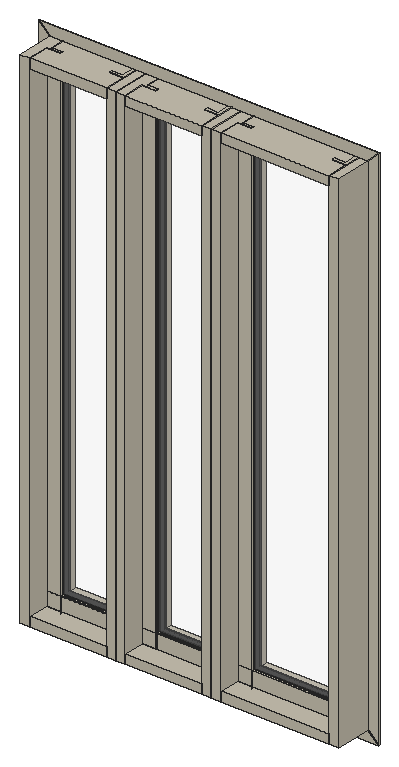
Revit family "68564ec0-99c4-4203-872d-bf3da9cb3614", category Windows, host Wall, Revit 2014
Parameters (values of type "Horizontal Stack")
  vertoffset [instance] = Window A + Window B  # 1' - 6"
  glazingoffset [instance] = 0' - 0"  # constant formula
  glazingcl [instance] = 0' - 0"  # constant formula
  glasswidth [instance] = if(Horizontal Stack, Daylight Opening Width + (0' 0 1/2" * 6), Daylight Opening Width + (0' 0 1/2" * 2))  # 1' - 7 7/8"
  glassheight [instance] = if(Horizontal Stack, Daylight Opening Height + (0' 0 1/2" * 2), Daylight Opening Height + (0' 0 1/2" * 6))  # 3' - 8 5/8"
  Window C Percentage [instance] = 0.4
  Window C [instance] = if(Vertical Stack, Unit Height * Window C Percentage, Unit Width * Window C Percentage)  # 1' - 0"
  Window B Percentage [instance] = 0.3
  Window B [instance] = if(Vertical Stack, Unit Height * Window B Percentage, Unit Width * Window B Percentage)  # 0' - 9"
  Window A Percentage [instance] = 0.3
  Window A [instance] = if(Vertical Stack, Unit Height * Window A Percentage, Unit Width * Window A Percentage)  # 0' - 9"
  Weatherstripping Color [instance] = Finish - WesternWindow - Black
  Water Penetration = "as Specified"
  Warranty Duration (Years) = 0
  WarmEdge Spacer Finish [instance] = Finish - WesternWindow - Clear Satin Anodized
  Visual Light Transmittance = VLT  # 0
  Vertical Stack = no
  VLT = 0
  Unit Width [instance] = 2' - 6"
  Unit Height [instance] = 4' - 0"
  URL = "https://www.westernwindowsystems.com/"
  U = 1.0000 BTU/(h·ft²·°F)
  Thermal Resistance (R) = R  # 1.0000 (h·ft²·°F)/BTU
  Test Data = ""
  Standards Conformance = "as Specified"
  SpecWizard = ""
  Solar Heat Gain Coefficient = SHGC  # 0
  Show Nail Fin [instance] = yes
  STC Rating = 0
  SHGC = 0
  RO Spacing_Top = 0' - 0 1/4"
  RO Spacing_Sides = 0' - 0 1/4"
  RO Spacing_Bottom = 0' - 0"
  R = 1.0000 (h·ft²·°F)/BTU
  Operation = "Fixed Picture"
  Miami Dade Conformance = "as Specified"
  Meets Egress = "as Specified"
  Maximum Size = "as Specified"
  Installation-Fabrication = ""
  Structural Test Pressure = "as Specified"
  Specification = ""
  Sales Information = "https://www.westernwindowsystems.com/contact-us"
  Rough Width [instance] = Width + (RO Spacing_Sides * 2)  # 2' - 6 1/2"
  Rough Height [instance] = Height + (RO Spacing_Top + RO Spacing_Bottom)  # 4' - 0 1/4"
  Product Properties = ""
  Product Data = "http://www.arcat.com/arcatcos/cos45/arc45818.html"
  Model = "no data"
  Manufacturer Website = "https://www.westernwindowsystems.com/"
  Manufacturer Phone - Toll Free = ""
  Manufacturer Phone = "602-268-1300"
  Manufacturer Fax = "602-243-3119"
  Manufacturer Address = "5621 S. 25th St.  Phoenix, AZ 85040"
  Manufacturer = "Western Window Systems"
  Maintenance Schedule (Months) = 0
  Keynote = "as Specified"
  Installation Phase = ""
  Inset from Exterior Wall [instance] = 0' - 0"
  Horizontal Stack = yes
  Height [instance] = Unit Height  # 4' - 0"
  Heat Transfer Coefficient (U) = U  # 5.6783 W/(m²·K)
  Hardware Finish [instance] = none
  Green Building-LEED = ""
  Glazing Type [instance] = "as Specified"
  Glazing Tint [instance] = Glazing - Clear
  Glazing Thickness = 0' - 0 7/8"
  Glazing Configuration [instance] = "as Specified"
  Frame Mounting Setback = 0' - 1"
  Frame Finish [instance] = Finish - WesternWindow - Warmtone
  Frame Design_Nail Fin = yes
  Frame Depth = 0' - 4 1/2"  # constant formula
  Forced Entry Rating = "as Specified"
  Expected Lifespan (Years) = 0
  Drawn By = "Sumex Design, Inc. / Robert S. Weygant, CSI, CDT, SCIP"
  Description = "Western Window Aluminum Stacked Fixed Window - Series 670 Direct Set as Specified"
  Wall Closure = By host
  Width [instance] = Unit Width  # 2' - 6"
  Daylight Opening Width [instance] = if(Horizontal Stack, Unit Width - (0' 2 3/16" * 2) - (0' 4 3/8" * 2), Unit Width - (0' 2 3/16" * 2))  # 1' - 4 7/8"
  Daylight Opening Height [instance] = if(Horizontal Stack, Unit Height - (0' 2 3/16" * 2), Unit Height - (0' 2 3/16" * 2) - (0' 4 3/8" * 2))  # 3' - 7 5/8"
  Copyright = "©Arcat Inc."
  Construction Details = ""
  Assembly Code = ""
  Analytic Construction = "<None>"
  Air Infiltration = "as Specified"
  AAMA Designation = "as Specified"
Types (2): name | vertoffset | glasswidth | glassheight | Window C | Window B | Window A | Vertical Stack | Horizontal Stack | Daylight Opening Width | Daylight Opening Height
  Horizontal Stack | 1' - 6" | 1' - 7 7/8" | 3' - 8 5/8" | 1' - 0" | 0' - 9" | 0' - 9" | no | yes | 1' - 4 7/8" | 3' - 7 5/8"
  Vertical Stack | 2' - 4.8" | 2' - 2 5/8" | 3' - 1 7/8" | 1' - 7.2" | 1' - 2.4" | 1' - 2.4" | yes | no | 2' - 1 5/8" | 2' - 10 7/8"
Reference planes (in)
  plane 1 "Center (Front/Back)": y = 0.6426
  plane 2: z = 0
  plane 3 "CENTER RL": x = 0.75
  plane 4 "RO RIGHT": x = -14.5
  plane 5 "RO LEFT": x = 16
  plane 6 "RO BOTTOM": z = 23.875
  plane 7 "FRAME TOP": z = 71.875
  plane 8 "CENTER ELEVATION": z = 47.875
  plane 9 "FRAME LEFT": x = 15.75
  plane 10 "FRAME R": x = -14.25
  plane 11 "SILL": z = 23.875
  plane 12 "EXT WALL": y = 3.6426
  plane 13 "RO TOP": z = 72.125
  plane 14 "INT WALL": y = -2.3574
  plane 15: y = 4.6426
  plane 16: y = 0.1426
  plane 17: y = 3.6426
  plane 18: y = 0.1426
  plane 19: x = -5.25
  plane 20: x = 3.75
Forms (in)
  Extrusion 1, solid, material "Finish - WesternWindow - Warmtone" <- "Frame Finish", visible <- "Show Nail Fin"
    sketch origin (-19.69941, 4.6426, 48) x (-1, 0, 0) y (0, 0, 1)
      loop
        line (-5.44941, 23.875) -> (-4.44941, 24.875) -> (-36.44941, 24.875) -> (-35.44941, 23.875) -> (-5.44941, 23.875)
    from -0.9375 to -1
  Extrusion 2, solid, material "Finish - WesternWindow - Warmtone" <- "Frame Finish", visible <- "Show Nail Fin"
    sketch origin (-19.69941, 4.6426, 48) x (-1, 0, 0) y (0, 0, 1)
      loop
        line (-5.44941, -24.125) -> (-35.44941, -24.125) -> (-36.44941, -25.125) -> (-4.44941, -25.125) -> (-5.44941, -24.125)
    from -0.9375 to -1
  Extrusion 3, solid, material "Finish - WesternWindow - Warmtone" <- "Frame Finish", visible <- "Show Nail Fin"
    sketch origin (-19.69941, 4.6426, 48) x (-1, 0, 0) y (0, 0, 1)
      loop
        line (-4.44941, 24.875) -> (-5.44941, 23.875) -> (-5.44941, -24.125) -> (-4.44941, -25.125) -> (-4.44941, 24.875)
      loop
        line (-36.44941, 24.875) -> (-36.44941, -25.125) -> (-35.44941, -24.125) -> (-35.44941, 23.875) -> (-36.44941, 24.875)
    from -0.9375 to -1
Lines and regions (in)
  Opening 1
    outline origin (-60, -2.3574, 0) x (1, 0, 0) y (0, 0, 1)
      loop
        line (45.5, 72.125) -> (45.5, 23.875) -> (76, 23.875) -> (76, 72.125) -> (45.5, 72.125)
Text (in)
  text "EXTERIOR" at (-86.77914, 11.17749, 0), in view "Plan View"
  text "INTERIOR" at (-86.77914, -6.09899, 0), in view "Plan View"
  text "Exterior" at (0, 43.65631, 123.19604), in view "Left"
  text "Exterior" at (0, 18.29385, 125.04747), in view "Right"
Dimensions and locks (in)
  equal spacing: plane 4 "RO RIGHT", plane 3 "CENTER RL", plane 5 "RO LEFT"
  "Width": plane 10 "FRAME R" to plane 9 "FRAME LEFT"
  equal spacing: plane 7 "FRAME TOP", plane 8 "CENTER ELEVATION", plane 6 "RO BOTTOM"
  "RO Spacing_Sides": plane 5 "RO LEFT" to plane 9 "FRAME LEFT"
  "RO Spacing_Sides": plane 4 "RO RIGHT" to plane 10 "FRAME R"
  "RO Spacing_Top": plane 7 "FRAME TOP" to plane 13 "RO TOP"
  "RO Spacing_Bottom": plane 6 "RO BOTTOM" to plane 11 "SILL"
  "Height": plane 11 "SILL" to plane 7 "FRAME TOP"
  "Frame Depth": plane 15 to plane 16
  "Frame Mounting Setback": plane 15 to plane 17
  "Inset from Exterior Wall": plane 17 to plane 12 "EXT WALL"
  "glazingcl": plane 18 to plane 16
  locked: Extrusion 1 sketch curve to plane 10 "FRAME R" at 1
  locked: Extrusion 1 sketch curve to plane 9 "FRAME LEFT" at 1
  locked: Extrusion 1 sketch curve to plane 7 "FRAME TOP" at 1
  locked: Extrusion 2 sketch curve to plane 10 "FRAME R" at 1
  locked: Extrusion 2 sketch curve to plane 9 "FRAME LEFT" at 1
  locked: plane 11 "SILL" to Extrusion 2 sketch curve at 1
  locked: Extrusion 3 sketch curve to plane 7 "FRAME TOP" at 1  (x2)
  locked: plane 11 "SILL" to Extrusion 3 sketch curve at 1  (x2)
  locked: Extrusion 3 sketch curve to plane 10 "FRAME R" at 1
  locked: Extrusion 3 sketch curve to plane 9 "FRAME LEFT" at 1
  "Window A": plane 10 "FRAME R" to plane 19
  "Window B": plane 19 to plane 20
  aligned and locked: plane 6 "RO BOTTOM" to Opening 1 sketch curve  (x2)
  aligned and locked: plane 5 "RO LEFT" to Opening 1 sketch curve
  aligned and locked: plane 4 "RO RIGHT" to Opening 1 sketch curve
  aligned and locked: level to plane 2
  aligned and locked: plane 1 "Center (Front/Back)" to host wall
  aligned and locked: plane 12 "EXT WALL" to host wall
  aligned and locked: Opening 1 sketch curve to plane 13 "RO TOP"
  aligned and locked: plane 14 "INT WALL" to host wall
  aligned and locked: nested 1 to plane 16
  aligned and locked: plane 3 "CENTER RL" to nested 1
  aligned and locked: Extrusion 1 sketch curve to plane 7 "FRAME TOP"
  aligned and locked: plane 11 "SILL" to Extrusion 2 sketch curve
  aligned and locked: plane 9 "FRAME LEFT" to Extrusion 3 sketch curve
  aligned and locked: Extrusion 3 sketch curve to plane 10 "FRAME R"
  aligned and locked: plane 3 "CENTER RL" to nested 2
  aligned and locked: plane 3 "CENTER RL" to nested 3
  aligned and locked: nested 3 to plane 16
  aligned and locked: nested 2 to plane 16
  aligned and locked: nested 4 to plane 16
  aligned and locked: nested 5 to plane 16
  aligned and locked: nested 6 to plane 16
  aligned and locked: nested 6 to plane 20
  aligned and locked: plane 19 to nested 5
  aligned and locked: plane 10 "FRAME R" to nested 4
Automatic sketch dimensions
  Extrusion 1 sketch curve to plane 9 "FRAME LEFT" = 0' - 0"
  plane 10 "FRAME R" to Extrusion 1 sketch curve = 0' - 0"
  Extrusion 2 sketch curve to plane 9 "FRAME LEFT" = 0' - 0"
  plane 10 "FRAME R" to Extrusion 2 sketch curve = 0' - 0"
  Extrusion 3 sketch curve to plane 6 "RO BOTTOM" = 0' - 0"  (x2)
  Extrusion 3 sketch curve to plane 7 "FRAME TOP" = 0' - 0"  (x2)
Nested families (in)
  nested 1: "670DirectSet" at (0.75, 0.1426, 23.875), width <- "Unit Width", height <- "Window A", weatherstripping color <- "Weatherstripping Color", warm edge spacer color <- "WarmEdge Spacer Finish", glazing <- "Glazing Tint", frame <- "Frame Finish", visible <- "Vertical Stack", type "670DirectSet"
    with width 2' - 6", weatherstripping color Finish - WesternWindow - Black, warm edge spacer color Finish - WesternWindow - Clear Satin Anodized, height 0' - 9", glazing Glazing - Clear, frame Finish - WesternWindow - Warmtone
  nested 2: "670DirectSet" at (0.75, 0.1426, 32.875), width <- "Unit Width", height <- "Window B", weatherstripping color <- "Weatherstripping Color", warm edge spacer color <- "WarmEdge Spacer Finish", glazing <- "Glazing Tint", frame <- "Frame Finish", visible <- "Vertical Stack", built-in parameter 1001364 <- "Window A", type "670DirectSet"
    with width 2' - 6", weatherstripping color Finish - WesternWindow - Black, warm edge spacer color Finish - WesternWindow - Clear Satin Anodized, height 0' - 9", glazing Glazing - Clear, frame Finish - WesternWindow - Warmtone
  nested 3: "670DirectSet" at (0.75, 0.1426, 41.875), width <- "Unit Width", height <- "Window C", weatherstripping color <- "Weatherstripping Color", warm edge spacer color <- "WarmEdge Spacer Finish", glazing <- "Glazing Tint", frame <- "Frame Finish", visible <- "Vertical Stack", built-in parameter 1001364 <- "vertoffset", type "670DirectSet"
    with width 2' - 6", weatherstripping color Finish - WesternWindow - Black, warm edge spacer color Finish - WesternWindow - Clear Satin Anodized, height 1' - 0", glazing Glazing - Clear, frame Finish - WesternWindow - Warmtone
  nested 4: "670DirectSet" at (-9.75, 0.1426, 23.875), width <- "Window A", height <- "Unit Height", weatherstripping color <- "Weatherstripping Color", warm edge spacer color <- "WarmEdge Spacer Finish", glazing <- "Glazing Tint", frame <- "Frame Finish", visible <- "Horizontal Stack", type "670DirectSet"
    with width 0' - 9", weatherstripping color Finish - WesternWindow - Black, warm edge spacer color Finish - WesternWindow - Clear Satin Anodized, height 4' - 0", glazing Glazing - Clear, frame Finish - WesternWindow - Warmtone
  nested 5: "670DirectSet" at (-0.75, 0.1426, 23.875), width <- "Window B", height <- "Unit Height", weatherstripping color <- "Weatherstripping Color", warm edge spacer color <- "WarmEdge Spacer Finish", glazing <- "Glazing Tint", frame <- "Frame Finish", visible <- "Horizontal Stack", type "670DirectSet"
    with width 0' - 9", weatherstripping color Finish - WesternWindow - Black, warm edge spacer color Finish - WesternWindow - Clear Satin Anodized, height 4' - 0", glazing Glazing - Clear, frame Finish - WesternWindow - Warmtone
  nested 6: "670DirectSet" at (9.75, 0.1426, 23.875), width <- "Window C", height <- "Unit Height", weatherstripping color <- "Weatherstripping Color", warm edge spacer color <- "WarmEdge Spacer Finish", glazing <- "Glazing Tint", frame <- "Frame Finish", visible <- "Horizontal Stack", type "670DirectSet"
    with width 1' - 0", weatherstripping color Finish - WesternWindow - Black, warm edge spacer color Finish - WesternWindow - Clear Satin Anodized, height 4' - 0", glazing Glazing - Clear, frame Finish - WesternWindow - Warmtone
Definition of nested family "670DirectSet"
  Parameters (values of type "670DirectSet")
    width [instance] = 5' - 0"
    weatherstripping color [instance] = none
    warm edge spacer color [instance] = none
    height [instance] = 5' - 0"
    glazing [instance] = none
    frame [instance] = none
    Default Elevation = 4' - 0"
  Reference planes (in)
    plane 1 "Center (Front/Back)": y = 0
    plane 2: z = 0
    plane 3 "Center (Left/Right)": x = 0
    plane 4: x = -30
    plane 5: x = 30
    plane 6: z = 60
  Forms (in)
    Sweep 1, solid, material <- "frame"
      path origin (0, 0, 0) x (1, 0, 0) y (0, 0, 1)
        loop
          line (-30, 60) -> (-30, 0)
      profile origin (-30, 0, 30) x (0, -1, 0) y (1, 0, 0)
        loop
          line (-4.375, 1.6875) -> (-4.375, 1) -> (-4.5, 1) -> (-4.5, 0) -> (0, 0) -> (0, 0.875) -> (-2, 0.875) -> (-2, 2.1875) -> (-2.06479, 2.1875)
          arc (-2.06479, 2.1875) -> (-2.1528, 2.15709) -> (-2.2408, 2.1875) r 0.14253
          line (-2.2408, 2.1875) -> (-2.28125, 2.1875) -> (-2.28125, 1.1875) -> (-3.6875, 1.1875) -> (-3.6875, 1.6875) -> (-4.375, 1.6875)
    Sweep 2, solid, material <- "frame"
      path origin (0, 0, 0) x (-1, 0, 0) y (0, 0, 1)
        loop
          line (-30, 60) -> (-30, 0)
      profile origin (30, 0, 30) x (0, -1, 0) y (1, 0, 0)
        loop
          line (-4.375, -1.6875) -> (-3.6875, -1.6875) -> (-3.6875, -1.1875) -> (-2.28125, -1.1875) -> (-2.28125, -2.1875) -> (-2.2408, -2.1875)
          arc (-2.2408, -2.1875) -> (-2.1528, -2.15709) -> (-2.06479, -2.1875) r 0.14253
          line (-2.06479, -2.1875) -> (-2, -2.1875) -> (-2, -0.875) -> (0, -0.875) -> (0, 0) -> (-4.5, 0) -> (-4.5, -1) -> (-4.375, -1) -> (-4.375, -1.6875)
    Sweep 3, solid, material <- "frame"
      path origin (0, 0, 0) x (1, 0, 0) y (0, 0, 1)
        loop
          line (-29.125, 0) -> (29.125, 0)
      profile origin (0, 0, 0) x (0, 0, 1) y (0, -1, 0)
        loop
          line (0, 0) -> (0, -4.5) -> (1, -4.5) -> (1, -4.375) -> (1.6875, -4.375) -> (1.6875, -3.6875) -> (1.1875, -3.6875) -> (1.1875, -2.28125) -> (2.1875, -2.28125) -> (2.1875, -2.2408)
          arc (2.1875, -2.2408) -> (2.15709, -2.1528) -> (2.1875, -2.06479) r 0.14253
          line (2.1875, -2.06479) -> (2.1875, -2) -> (0.875, -2) -> (0.875, 0) -> (0, 0)
    Sweep 4, solid, material <- "frame"
      path origin (0, 0, 60) x (1, 0, 0) y (0, 0, 1)
        loop
          line (-29.125, 0) -> (29.125, 0)
      profile origin (0, 0, 60) x (0, 0, 1) y (0, -1, 0)
        loop
          line (-1.6875, -4.375) -> (-1, -4.375) -> (-1, -4.5) -> (0, -4.5) -> (0, 0) -> (-0.875, 0) -> (-0.875, -2) -> (-2.1875, -2) -> (-2.1875, -2.06479)
          arc (-2.1875, -2.06479) -> (-2.15709, -2.1528) -> (-2.1875, -2.2408) r 0.14253
          line (-2.1875, -2.2408) -> (-2.1875, -2.28125) -> (-1.1875, -2.28125) -> (-1.1875, -3.6875) -> (-1.6875, -3.6875) -> (-1.6875, -4.375)
    Sweep 5, solid, material <- "weatherstripping color"
      path origin (0, 0, 0) x (1, 0, 0) y (0, 0, 1)
        loop
          line (-30, 60) -> (-30, 0) -> (30, 0) -> (30, 60) -> (-30, 60)
      profile origin (0, 0, 60) x (0, 0, 1) y (0, -1, 0)
        loop
          line (-2.1875, -2.28125) -> (-2.1875, -2.4375) -> (-1.1875, -2.4375) -> (-1.1875, -2.28125) -> (-2.1875, -2.28125)
        loop
          line (-1.1875, -3.6875) -> (-1.1875, -3.3125) -> (-1.9375, -3.3125) -> (-1.9375, -3.375) -> (-1.83594, -3.375) -> (-1.75, -3.46094) -> (-1.75, -3.6875) -> (-1.1875, -3.6875)
    Extrusion 6, solid, material <- "glazing"
      sketch origin (0, 0, 0) x (1, 0, 0) y (0, 0, 1)
        loop
          line (-28.8125, 58.8125) -> (-28.8125, 1.1875) -> (28.8125, 1.1875) -> (28.8125, 58.8125) -> (-28.8125, 58.8125)
      from -3.3125 to -2.4375
    Sweep 7, solid, material <- "warm edge spacer color"
      path origin (0, 0, 0) x (1, 0, 0) y (0, 0, 1)
        loop
          line (-30, 60) -> (-30, 0) -> (30, 0) -> (30, 60) -> (-30, 60)
      profile origin (0, 0, 60) x (0, 0, 1) y (0, -1, 0)
        loop
          line (-1.1875, -3.125) -> (-1.1875, -2.625) -> (-1.625, -2.625) -> (-1.625, -3.125) -> (-1.1875, -3.125)
  Dimensions and locks (in)
    equal spacing: plane 4, plane 3 "Center (Left/Right)", plane 5
    "width": plane 4 to plane 5
    "height": plane 6 to level
    locked: Sweep 3 sketch curve to plane 4 at 0.875
    locked: plane 5 to Sweep 3 sketch curve at 0.875
    locked: plane 5 to Sweep 4 sketch curve at 0.875
    locked: Sweep 4 sketch curve to plane 4 at 0.875
    locked: plane 5 to Extrusion 6 sketch curve at 1.1875
    locked: plane 6 to Extrusion 6 sketch curve at 1.1875
    locked: Extrusion 6 sketch curve to plane 4 at 1.1875
    locked: Extrusion 6 sketch curve to level at 1.1875
    aligned and locked: plane 2 to level
    aligned and locked: Sweep 1 sketch curve to plane 4
    aligned and locked: plane 6 to Sweep 1 sketch curve
    aligned and locked: plane 6 to Sweep 2 sketch curve
    aligned and locked: Sweep 2 sketch curve to plane 5
    aligned and locked: Sweep 4 sketch curve to plane 6
    aligned and locked: Sweep 5 sketch curve to Sweep 1
    aligned and locked: Sweep 5 sketch curve to Sweep 2
    aligned and locked: Sweep 7 sketch curve to Sweep 1
    aligned and locked: Sweep 7 sketch curve to Sweep 2
  Automatic sketch dimensions
    Sweep 1 sketch curve to level = 0' - 0"
    Sweep 2 sketch curve to level = 0' - 0"
    profile plane to Sweep 3 sketch curve = 0' - 0"
    Sweep 3 sketch curve to plane 1 "Center (Front/Back)" = 0' - 0"
    Sweep 3 sketch curve to profile plane = 0' - 0 7/8"
    Sweep 3 sketch curve to Sweep 3 sketch curve = 0' - 0 11/16"  (x2)
    Sweep 3 sketch curve to Sweep 3 sketch curve = 0' - 1 5/16"
    Sweep 3 sketch curve to Sweep 3 sketch curve = 0' - 0"
    Sweep 3 sketch curve to Sweep 3 sketch curve = 0' - 0.11212"
    Sweep 3 sketch curve to plane 1 "Center (Front/Back)" = 0' - 2"
    Sweep 3 sketch curve to Sweep 3 sketch curve = 0' - 0.06479"
    Sweep 3 sketch curve to Sweep 3 sketch curve = 0' - 0.088"
    Sweep 3 sketch curve to Sweep 3 sketch curve = 0' - 0.04045"
    Sweep 3 sketch curve to Sweep 3 sketch curve = 0' - 1 13/32"
    Sweep 3 sketch curve to Sweep 3 sketch curve = 0' - 0 1/8"
    Sweep 3 sketch curve to Sweep 3 sketch curve = 0' - 0 1/2"
    Sweep 3 sketch curve to Sweep 3 sketch curve = 0' - 0 5/16"
    Sweep 4 sketch curve to plane 1 "Center (Front/Back)" = 0' - 0"
    Sweep 4 sketch curve to plane 1 "Center (Front/Back)" = 0' - 2.1528"
    profile plane to Sweep 4 sketch curve = 0' - 2.29962"
    Sweep 4 sketch curve to Sweep 4 sketch curve = 0' - 0.11212"  (x2)
    Sweep 4 sketch curve to Sweep 4 sketch curve = 0' - 0 1/2"
    Sweep 4 sketch curve to Sweep 4 sketch curve = 0' - 1"
    Sweep 4 sketch curve to Sweep 4 sketch curve = 0' - 0 11/16"  (x2)
    Sweep 4 sketch curve to Sweep 4 sketch curve = 0' - 0 5/16"
    Sweep 4 sketch curve to Sweep 4 sketch curve = 0' - 0 7/8"
    Sweep 4 sketch curve to Sweep 4 sketch curve = 0' - 2.3472"
    Sweep 4 sketch curve to Sweep 4 sketch curve = 0' - 0 1/8"
    Sweep 4 sketch curve to Sweep 4 sketch curve = 0' - 0.12845"
    Sweep 4 sketch curve to Sweep 4 sketch curve = 0' - 0.04045"
    Sweep 4 sketch curve to Sweep 4 sketch curve = 0' - 0.06479"
    profile plane to Sweep 5 sketch curve = 0' - 2 3/16"
    Sweep 5 sketch curve to Sweep 5 sketch curve = 0' - 0 1/4"
    Sweep 5 sketch curve to Sweep 5 sketch curve = 0' - 0 13/128"
    Sweep 5 sketch curve to Sweep 5 sketch curve = 0' - 0 11/128"  (x2)
    Sweep 5 sketch curve to Sweep 5 sketch curve = 0' - 0 9/16"
    Sweep 5 sketch curve to Sweep 5 sketch curve = 0' - 0"
    Sweep 5 sketch curve to plane 1 "Center (Front/Back)" = 0' - 3 11/16"
    Sweep 5 sketch curve to Sweep 5 sketch curve = 0' - 0 29/128"
    Sweep 5 sketch curve to Sweep 5 sketch curve = 0' - 0 1/16"
    Sweep 5 sketch curve to Sweep 5 sketch curve = 0' - 0 7/8"
    Sweep 5 sketch curve to Sweep 5 sketch curve = 0' - 0 5/32"
    profile plane to Sweep 7 sketch curve = 0' - 1 5/8"
    Sweep 7 sketch curve to Sweep 7 sketch curve = 0' - 0 7/16"
    Sweep 7 sketch curve to plane 1 "Center (Front/Back)" = 0' - 3 1/8"
    Sweep 7 sketch curve to Sweep 7 sketch curve = 0' - 0 1/2"
    Sweep 1 sketch curve to Sweep 1 sketch curve = 0' - 2"
    Sweep 1 sketch curve to Sweep 1 sketch curve = 0' - 0.06479"
    Sweep 1 sketch curve to Sweep 1 sketch curve = 0' - 0.088"  (x2)
    Sweep 1 sketch curve to Sweep 1 sketch curve = 0' - 0 9/32"
    Sweep 1 sketch curve to Sweep 1 sketch curve = 0' - 1 13/32"
    Sweep 1 sketch curve to Sweep 1 sketch curve = 0' - 0 11/16"  (x2)
    Sweep 1 sketch curve to Sweep 1 sketch curve = 0' - 0 1/8"
    Sweep 1 sketch curve to profile plane = 0' - 2.29962"
    Sweep 1 sketch curve to Sweep 1 sketch curve = 0' - 0.11212"
    Sweep 1 sketch curve to profile plane = 0' - 1 11/16"
    Sweep 1 sketch curve to Sweep 1 sketch curve = 0' - 0 1/2"
    Sweep 1 sketch curve to Sweep 1 sketch curve = 0' - 0 5/16"
    Sweep 1 sketch curve to Sweep 1 sketch curve = 0' - 1"
    Sweep 1 sketch curve to plane 1 "Center (Front/Back)" = 0' - 4 1/2"
    Sweep 5 sketch curve to plane 4 = 0' - 0"
    Sweep 7 sketch curve to plane 4 = 0' - 0"
    plane 1 "Center (Front/Back)" to Sweep 2 sketch curve = 0' - 0"
    Sweep 2 sketch curve to Sweep 2 sketch curve = 0' - 0.06479"
    Sweep 2 sketch curve to Sweep 2 sketch curve = 0' - 0.088"  (x2)
    Sweep 2 sketch curve to Sweep 2 sketch curve = 0' - 0.04045"
    Sweep 2 sketch curve to Sweep 2 sketch curve = 0' - 1 13/32"
    Sweep 2 sketch curve to Sweep 2 sketch curve = 0' - 0 11/16"  (x2)
    Sweep 2 sketch curve to Sweep 2 sketch curve = 0' - 0 1/8"
    profile plane to Sweep 2 sketch curve = 0' - 2.29962"
    Sweep 2 sketch curve to Sweep 2 sketch curve = 0' - 0.11212"
    Sweep 2 sketch curve to Sweep 2 sketch curve = 0' - 0 1/2"
    Sweep 2 sketch curve to Sweep 2 sketch curve = 0' - 1"
    Sweep 2 sketch curve to Sweep 2 sketch curve = 0' - 0 5/16"
    Sweep 2 sketch curve to Sweep 2 sketch curve = 0' - 0 7/8"
    Sweep 2 sketch curve to Sweep 2 sketch curve = 0' - 2"
    Sweep 5 sketch curve to plane 5 = 0' - 0"
    Sweep 7 sketch curve to plane 5 = 0' - 0"
    Sweep 3 sketch curve to level = 0' - 0"
